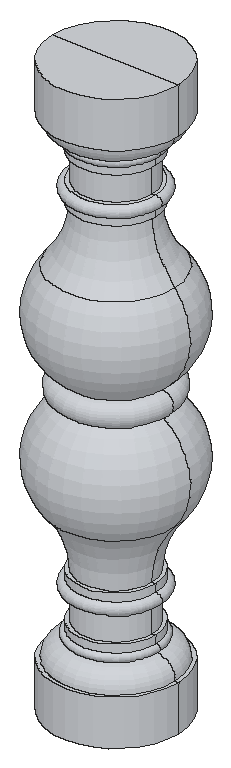
Revit family
Parameters (values of type "Balustrade J19")
  Width = 0' - 4 1/8"
  URL = "www.strombergarchitectural.com"
  Top Material = none
  Submittal Sheet = "www.strombergarchitectural.com/images/materials/gfrc/submittal/gfrc-submittal-sheet.pdf"
  Specifications = "www.strombergarchitectural.com/gfrcspecifications"
  Model Cut-sheet = "http://www.strombergarchitectural.com/products/balustrade/design/J19"
  Model = "Balustrade J19"
  Manufacturer = "Stromberg Architectural Products"
  Guidebook = "www.strombergarchitectural.com/images/materials/gfrc/handbooks/gfrc_guidebook.pdf   \r\n(http://www.strombergarchitectural.com/images/materials/gfrc/handbooks/gfrc_guidebook.pdf"
  Description = "GFRC Baluster"
  Assembly Code = ""
  Height = 1' - 7"
  XXX.5 = no
  XXX.4 = no
  XXX.3 = no
  XXX.2 = no
  XXX.1 = yes
Reference planes (in)
  plane 1 "Center (Front/Back)": y = 3.74847
  plane 2: z = 0
  plane 3 "Center (Left/Right)": x = 0.7278
  plane 4 "Front": y = -3.25153
  plane 5 "Back": y = 10.74847
  plane 6 "Left": x = -17.2722
  plane 7 "Right": x = 18.7278
Forms (in)
  Revolve 1, solid
    sketch origin (0, 3.74847, 0) x (1, 0, 0) y (0, 0, 1)
      loop
        line (0.7278, 19) -> (-1.3347, 19) -> (-1.3347, 17.5) -> (-1.2097, 17.5)
        arc (-1.2097, 17.5) -> (-1.02664, 17.05806) -> (-0.5847, 16.875) r 0.625
        arc (-0.5847, 16.875) -> (-0.7097, 16.75) -> (-0.5847, 16.625) r 0.125
        line (-0.5847, 16.625) -> (-0.5847, 16.375) -> (-0.4597, 16.375) -> (-0.4597, 15.5) -> (-0.5847, 15.5)
        arc (-0.5847, 15.5) -> (-0.7722, 15.3125) -> (-0.5847, 15.125) r 0.1875
        line (-0.5847, 15.125) -> (-0.5847, 14.875) -> (-0.4597, 14.875)
        arc (-0.4597, 14.875) -> (-0.66065, 13.86788) -> (-1.2097, 13) r 2.81308
        arc (-1.2097, 13) -> (-1.7012, 11.33806) -> (-0.7722, 9.875) r 2.09404
        arc (-0.7722, 9.875) -> (-1.1472, 9.5) -> (-0.7722, 9.125) r 0.375
        arc (-0.7722, 9.125) -> (-1.7012, 7.66194) -> (-1.2097, 6) r 2.09404
        arc (-1.2097, 6) -> (-0.66065, 5.13212) -> (-0.4597, 4.125) r 2.81308
        line (-0.4597, 4.125) -> (-0.5847, 4.125) -> (-0.5847, 3.875)
        arc (-0.5847, 3.875) -> (-0.7722, 3.6875) -> (-0.5847, 3.5) r 0.1875
        line (-0.5847, 3.5) -> (-0.4597, 3.5) -> (-0.4597, 2.625) -> (-0.5847, 2.625) -> (-0.5847, 2.375)
        arc (-0.5847, 2.375) -> (-0.7097, 2.25) -> (-0.5847, 2.125) r 0.125
        arc (-0.5847, 2.125) -> (-1.02664, 1.94194) -> (-1.2097, 1.5) r 0.625
        line (-1.2097, 1.5) -> (-1.3347, 1.5) -> (-1.3347, 0) -> (0.7278, 0) -> (0.7278, 19)
      axis (0.7278, 19) -> (0.7278, 0)
    angle from 0 to 360
Dimensions and locks (in)
  aligned and locked: level to plane 2
